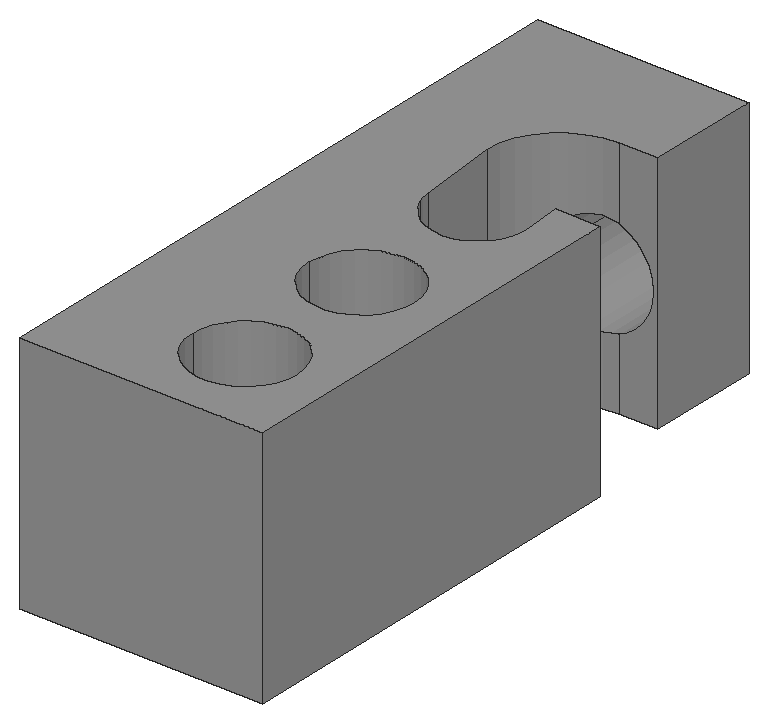
Revit family "Anschlussklemme -AKL 25 E", category Generic Models, Revit 2017
Family settings
  Can host rebar = No
  Round Connector Dimension = Use Diameter
  Part Type = Normal
  Work Plane-Based = No
  Always vertical = Yes
  Cut with Voids When Loaded = No
  Shared = No
  Room Calculation Point = No
Parameters (values of type "AKL 25 E")
  URL = "http://www.obo-bettermann.com"
  Material = Brass
  Manufacturer Art.No. = "6049276"
  Manufacturer = "OBO BETTERMANN"
  GTIN = "4012196702718"
  Article Type = "AKL 25 E"
Reference planes
  plane 1 "Center (Front/Back)": y = 0
  plane 2: z = 0
  plane 3 "Center (Left/Right)": x = 0
  plane 4: y = 40
  plane 5: x = 15
  plane 6: y = 33
  plane 7: y = 26
  plane 8: x = 9.5
  plane 9: y = 28.5
  plane 10: y = 28.5
  plane 11: y = 23.5
  plane 12: through (9.5, 23.5, 1200) normal (-0.9962, -0.0872, 0)
  plane 13: y = 14.523
  plane 14: y = 23.5
  plane 15: z = 15
  plane 16: y = 23.5
  plane 17: y = 14.5
  plane 18: y = 5.5
  plane 19: x = 9.5
  plane 20: z = 7.5
  plane 21: y = 33
  plane 22: y = 23.5
  plane 23: y = 14.5
  plane 24: y = 5.5
  plane 25: y = 5.5
  plane 26: y = 14.5
  plane 27: x = 9.492
Forms (mm)
  Extrusion 1, solid, material "Brass" <- "Material"
    sketch origin (0, 0, 0) x (1, 0, 0) y (0, 1, 0)
      loop
        line (0, 40) -> (0, 0) -> (15, 0) -> (15, 26) -> (12.293, 26) -> (12.489, 23.761)
        arc (12.489, 23.761) -> (12.456, 23.218) -> (12.345, 22.686) r 3.719
        arc (12.345, 22.686) -> (9.625, 20.543) -> (6.733, 22.449) r 2.96
        arc (6.733, 22.449) -> (6.581, 22.883) -> (6.503, 23.337) r 2.762
        line (6.503, 23.337) -> (6.051, 28.5)
        arc (6.051, 28.5) -> (7.369, 31.682) -> (10.551, 33) r 4.5
        line (10.551, 33) -> (12.981, 33) -> (12.981, 40) -> (0, 40)
    from 0 to 15
  Extrusion 2, void
    sketch origin (0, 0, 0) x (1, 0, 0) y (0, 1, 0)
      loop
        circle (9.5, 14.5) r 3.25
      loop
        circle (9.5, 5.5) r 3.25
    from 0 to 15
  Extrusion 3, void
    sketch origin (0, 0, 0) x (0, 1, 0) y (0, 0, 1)
      loop
        circle (5.5, 7.5) r 3.25
      loop
        circle (14.5, 7.5) r 3.25
    from 0 to 12.981
  Extrusion 4, void
    sketch origin (0, 0, 0) x (1, 0, 0) y (0, 0, 1)
      loop
        circle (9.492, 7.493) r 3.25
    from -26 to -40
Cuts and joins
  Extrusion 2, Extrusion 3, Extrusion 4 cuts Extrusion 1
Dimensions and locks
  locked: plane 1 "Center (Front/Back)" to plane 4 at 40
  locked: plane 3 "Center (Left/Right)" to plane 5 at 15
  plane 6 to plane 7 = 7 mm
  locked: plane 6 to plane 9 at 4.5
  plane 6 to plane 11 = 9.5 mm
  locked: plane 11 to plane 13 at 8.977
  locked: Extrusion 1 sketch curve to Extrusion 1 sketch curve at 7  (x2)
  locked: plane 6 to plane 11 at 9.5
  locked: Extrusion 1 sketch curve to Extrusion 1 sketch curve at 26
  locked: Extrusion 1 sketch curve to plane 14 at 2.96
  locked: Extrusion 1 sketch curve to plane 8 at 3.449
  locked: Extrusion 1 sketch curve to Extrusion 1 sketch curve at 15
  locked: plane 15 to level at 15
  locked: plane 16 to Extrusion 1 at 9.5
  locked: plane 16 to plane 17 at 9
  locked: plane 17 to plane 18 at 9
  locked: Extrusion 1 to plane 19 at 9.5
  locked: plane 19 to Extrusion 2 sketch curve at 0  (x2)
  locked: plane 19 to Extrusion 2 sketch curve at 3.25
  plane 19 to Extrusion 2 sketch curve = 3.25 mm
  locked: cut or joined group of Extrusion 1, Extrusion 2, Extrusion 3, Extrusion 4 to plane 21 at 7
  locked: plane 26 to Extrusion 3 sketch curve at 3.25
  locked: plane 25 to Extrusion 3 sketch curve at 3.25
  locked: plane 27 to plane 3 "Center (Left/Right)" at 9.492
  locked: plane 27 to Extrusion 4 sketch curve at 3.25
  locked: plane 27 to Extrusion 4 sketch curve at 0
  aligned and locked: level to plane 2
  aligned and locked: plane 1 "Center (Front/Back)" to Extrusion 1 sketch curve
  aligned and locked: Extrusion 1 sketch curve to plane 3 "Center (Left/Right)"
  aligned and locked: plane 1 "Center (Front/Back)" to Extrusion 1
  aligned and locked: Extrusion 1 to plane 3 "Center (Left/Right)"
  aligned and locked: plane 15 to Extrusion 1
  aligned and locked: Extrusion 2 to level
  aligned and locked: Extrusion 1 to Extrusion 2
  aligned and locked: Extrusion 1 to Extrusion 3  (x2)
  aligned and locked: Extrusion 4 to Extrusion 1
  aligned and locked: Extrusion 1 to Extrusion 4
Automatic sketch dimensions
  Extrusion 1 sketch curve to plane 8 = 0 mm
  Extrusion 1 sketch curve to plane 9 = 0 mm
  Extrusion 1 sketch curve to plane 5 = 2.019 mm
  Extrusion 1 sketch curve to plane 11 = 0 mm
  Extrusion 1 sketch curve to plane 11 = 0.163 mm
  Extrusion 1 sketch curve to Extrusion 1 sketch curve = 2.997 mm
  plane 11 to Extrusion 1 sketch curve = 0.209 mm
  Extrusion 1 sketch curve to plane 8 = 0.731 mm
  plane 11 to Extrusion 1 sketch curve = 0.077 mm
  Extrusion 1 sketch curve to plane 5 = 2.707 mm
  plane 11 to Extrusion 1 sketch curve = 0.261 mm
  Extrusion 1 sketch curve to Extrusion 1 sketch curve = 0.143 mm
  Extrusion 2 sketch curve to plane 18 = 0 mm
  Extrusion 2 sketch curve to plane 17 = 0 mm
  Extrusion 3 sketch curve to plane 20 = 0 mm  (x2)
  Extrusion 3 sketch curve to plane 24 = 0 mm
  Extrusion 3 sketch curve to plane 23 = 0 mm
  level to Extrusion 4 sketch curve = 7.493 mm
